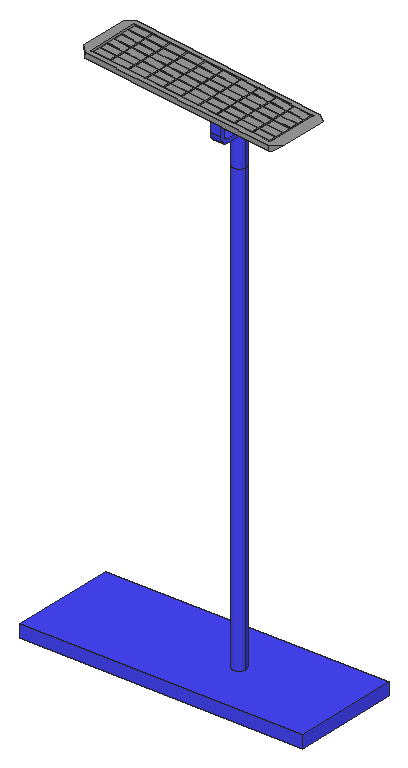
Revit family "BLS-4A", category Lighting Fixtures, host Face, Revit 2026 (continued)
Definition of nested family "BLS-4A - LIGHT FIXTURE"
  Definition of nested family "BLS-2A - LED"
    Forms (ft)
      Extrusion 20, solid, material <- "LENS"
        sketch origin (-2.123285, -0.375, -0.300185) x (-0.995114, 0, 0.098733) y (0, 1, 0)
          loop
            arc (-1.820887, 0.149824) -> (-1.789637, 0.181074) -> (-1.820887, 0.212324) r 0.03125
        from -0.497139 to -0.4864
      Extrusion 21, solid, material <- "LED CHIP"
        sketch origin (-2.509989, 0, -0.245075) x (-0.994503, 0, 0.104711) y (0, 1, 0)
          loop
            circle (-1.848113, 0.180513) r 0.023851
        from -0.492008 to -0.480513
      Extrusion 22, solid, material <- "LENS"
        sketch origin (-2.496231, 0, -0.260987) x (-0.995114, 0, 0.098733) y (0, 1, 0)
          loop
            line (-1.820887, 0.212324) -> (-1.849533, 0.212324)
            arc (-1.849533, 0.212324) -> (-1.880783, 0.181074) -> (-1.849533, 0.149824) r 0.03125
            line (-1.849533, 0.149824) -> (-1.820887, 0.149824)
            arc (-1.820887, 0.149824) -> (-1.789637, 0.181074) -> (-1.820887, 0.212324) r 0.03125
        from -0.497139 to -0.4864
      Extrusion 23, solid, material <- "LED CHIP"
        sketch origin (-2.509989, -0.104167, -0.245075) x (-0.994503, 0, 0.104711) y (0, 1, 0)
          loop
            circle (-1.848113, 0.180513) r 0.023851
        from -0.492008 to -0.480513
      Extrusion 24, solid, material <- "LENS"
        sketch origin (-2.496231, -0.104167, -0.260987) x (-0.995114, 0, 0.098733) y (0, 1, 0)
          loop
            line (-1.820887, 0.212324) -> (-1.849533, 0.212324)
            arc (-1.849533, 0.212324) -> (-1.880783, 0.181074) -> (-1.849533, 0.149824) r 0.03125
            line (-1.849533, 0.149824) -> (-1.820887, 0.149824)
            arc (-1.820887, 0.149824) -> (-1.789637, 0.181074) -> (-1.820887, 0.212324) r 0.03125
        from -0.497139 to -0.4864
      Extrusion 25, solid, material <- "LED CHIP"
        sketch origin (-2.509989, -0.1875, -0.245075) x (-0.994503, 0, 0.104711) y (0, 1, 0)
          loop
            circle (-1.848113, 0.180513) r 0.023851
        from -0.492008 to -0.480513
      Extrusion 26, solid, material <- "LENS"
        sketch origin (-2.496231, -0.1875, -0.260987) x (-0.995114, 0, 0.098733) y (0, 1, 0)
          loop
            line (-1.820887, 0.212324) -> (-1.849533, 0.212324)
            arc (-1.849533, 0.212324) -> (-1.880783, 0.181074) -> (-1.849533, 0.149824) r 0.03125
            line (-1.849533, 0.149824) -> (-1.820887, 0.149824)
            arc (-1.820887, 0.149824) -> (-1.789637, 0.181074) -> (-1.820887, 0.212324) r 0.03125
        from -0.497139 to -0.4864
      Extrusion 27, solid, material <- "LED CHIP"
        sketch origin (-2.509989, -0.283854, -0.245075) x (-0.994503, 0, 0.104711) y (0, 1, 0)
          loop
            circle (-1.848113, 0.180513) r 0.023851
        from -0.492008 to -0.480513
      Extrusion 28, solid, material <- "LENS"
        sketch origin (-2.496231, -0.283854, -0.260987) x (-0.995114, 0, 0.098733) y (0, 1, 0)
          loop
            line (-1.820887, 0.212324) -> (-1.849533, 0.212324)
            arc (-1.849533, 0.212324) -> (-1.880783, 0.181074) -> (-1.849533, 0.149824) r 0.03125
            line (-1.849533, 0.149824) -> (-1.820887, 0.149824)
            arc (-1.820887, 0.149824) -> (-1.789637, 0.181074) -> (-1.820887, 0.212324) r 0.03125
        from -0.497139 to -0.4864
      Extrusion 29, solid, material <- "LED CHIP"
        sketch origin (-2.509989, -0.375, -0.245075) x (-0.994503, 0, 0.104711) y (0, 1, 0)
          loop
            circle (-1.848113, 0.180513) r 0.023851
        from -0.492008 to -0.480513
      Extrusion 30, solid, material <- "LENS"
        sketch origin (-2.496231, -0.375, -0.260987) x (-0.995114, 0, 0.098733) y (0, 1, 0)
          loop
            line (-1.820887, 0.212324) -> (-1.849533, 0.212324)
            arc (-1.849533, 0.212324) -> (-1.880783, 0.181074) -> (-1.849533, 0.149824) r 0.03125
            line (-1.849533, 0.149824) -> (-1.820887, 0.149824)
            arc (-1.820887, 0.149824) -> (-1.789637, 0.181074) -> (-1.820887, 0.212324) r 0.03125
        from -0.497139 to -0.4864
      Extrusion 31, solid, material <- "LED CHIP"
        sketch origin (-2.660601, 0, -0.229245) x (-0.994503, 0, 0.104711) y (0, 1, 0)
          loop
            circle (-1.848113, 0.180513) r 0.023851
        from -0.492008 to -0.480513
      Extrusion 32, solid, material <- "LENS"
        sketch origin (-2.646843, 0, -0.245157) x (-0.995114, 0, 0.098733) y (0, 1, 0)
          loop
            line (-1.820887, 0.212324) -> (-1.849533, 0.212324)
            arc (-1.849533, 0.212324) -> (-1.880783, 0.181074) -> (-1.849533, 0.149824) r 0.03125
            line (-1.849533, 0.149824) -> (-1.820887, 0.149824)
            arc (-1.820887, 0.149824) -> (-1.789637, 0.181074) -> (-1.820887, 0.212324) r 0.03125
        from -0.497139 to -0.4864
      Extrusion 33, solid, material <- "LED CHIP"
        sketch origin (-2.660601, -0.104167, -0.229245) x (-0.994503, 0, 0.104711) y (0, 1, 0)
          loop
            circle (-1.848113, 0.180513) r 0.023851
        from -0.492008 to -0.480513
      Extrusion 34, solid, material <- "LENS"
        sketch origin (-2.646843, -0.104167, -0.245157) x (-0.995114, 0, 0.098733) y (0, 1, 0)
          loop
            line (-1.820887, 0.212324) -> (-1.849533, 0.212324)
            arc (-1.849533, 0.212324) -> (-1.880783, 0.181074) -> (-1.849533, 0.149824) r 0.03125
            line (-1.849533, 0.149824) -> (-1.820887, 0.149824)
            arc (-1.820887, 0.149824) -> (-1.789637, 0.181074) -> (-1.820887, 0.212324) r 0.03125
        from -0.497139 to -0.4864
      Extrusion 35, solid, material <- "LED CHIP"
        sketch origin (-2.660601, -0.1875, -0.229245) x (-0.994503, 0, 0.104711) y (0, 1, 0)
          loop
            circle (-1.848113, 0.180513) r 0.023851
        from -0.492008 to -0.480513
      Extrusion 36, solid, material <- "LENS"
        sketch origin (-2.646843, -0.1875, -0.245157) x (-0.995114, 0, 0.098733) y (0, 1, 0)
          loop
            line (-1.820887, 0.212324) -> (-1.849533, 0.212324)
            arc (-1.849533, 0.212324) -> (-1.880783, 0.181074) -> (-1.849533, 0.149824) r 0.03125
            line (-1.849533, 0.149824) -> (-1.820887, 0.149824)
            arc (-1.820887, 0.149824) -> (-1.789637, 0.181074) -> (-1.820887, 0.212324) r 0.03125
        from -0.497139 to -0.4864
      Extrusion 37, solid, material <- "LED CHIP"
        sketch origin (-2.660601, -0.283854, -0.229245) x (-0.994503, 0, 0.104711) y (0, 1, 0)
          loop
            circle (-1.848113, 0.180513) r 0.023851
        from -0.492008 to -0.480513
      Extrusion 38, solid, material <- "LENS"
        sketch origin (-2.646843, -0.283854, -0.245157) x (-0.995114, 0, 0.098733) y (0, 1, 0)
          loop
            line (-1.820887, 0.212324) -> (-1.849533, 0.212324)
            arc (-1.849533, 0.212324) -> (-1.880783, 0.181074) -> (-1.849533, 0.149824) r 0.03125
            line (-1.849533, 0.149824) -> (-1.820887, 0.149824)
            arc (-1.820887, 0.149824) -> (-1.789637, 0.181074) -> (-1.820887, 0.212324) r 0.03125
        from -0.497139 to -0.4864
      Extrusion 39, solid, material <- "LED CHIP"
        sketch origin (-2.660601, -0.375, -0.229245) x (-0.994503, 0, 0.104711) y (0, 1, 0)
          loop
            circle (-1.848113, 0.180513) r 0.023851
        from -0.492008 to -0.480513
      Extrusion 40, solid, material <- "LENS"
        sketch origin (-2.646843, -0.375, -0.245157) x (-0.995114, 0, 0.098733) y (0, 1, 0)
          loop
            line (-1.820887, 0.212324) -> (-1.849533, 0.212324)
            arc (-1.849533, 0.212324) -> (-1.880783, 0.181074) -> (-1.849533, 0.149824) r 0.03125
            line (-1.849533, 0.149824) -> (-1.820887, 0.149824)
            arc (-1.820887, 0.149824) -> (-1.789637, 0.181074) -> (-1.820887, 0.212324) r 0.03125
        from -0.497139 to -0.4864
      Extrusion 41, solid, material <- "LENS"
        sketch origin (0.378954, 0, -0.054378) x (0.994522, 0, -0.104528) y (0, 1, 0)
          loop
            line (-0.881779, 0.274615) -> (-0.881779, -0.287885) -> (-0.519629, -0.287885) -> (-0.519629, 0.274615) -> (-0.881779, 0.274615)
        from -0.011399 to 0.003094
      Extrusion 42, solid, material <- "LENS"
        sketch origin (0.00043, 0, -0.014594) x (0.994522, 0, -0.104528) y (0, 1, 0)
          loop
            line (-0.881779, 0.274615) -> (-0.881779, -0.287885) -> (-0.519629, -0.287885) -> (-0.519629, 0.274615) -> (-0.881779, 0.274615)
        from -0.011399 to 0.003094
    Dimensions and locks (ft)
      aligned and locked: plane 2 to level
  Definition of nested family "BLS-4A - SOLAR CELLS"
    Parameters (values of type "BLS-4A - SOLAR CELLS")
      SOLAR PANEL = none
      Default Elevation = 0.0 ft
    Reference planes (ft)
      plane 1 "Center (Front/Back)": y = 0
      plane 2: z = 0
      plane 3 "Center (Left/Right)": x = 0
      plane 4: x = 1.570833
      plane 5: y = 0.495833
      plane 6: y = 0.454167
      plane 7: x = 1.529167
      plane 8: x = -1.570833
      plane 9: x = -1.529167
      plane 10: y = -0.495833
      plane 11: y = -0.454167
    Forms (ft)
      Extrusion 1, solid, material <- "SOLAR PANEL"
        sketch origin (-0.329839, -0.020833, -0.070559) x (0.994522, 0, -0.104528) y (0, 1, 0)
          loop
            line (-1.191096, 0.447917) -> (-1.191096, 0.320978) -> (-0.938678, 0.320978) -> (-0.938678, 0.447917) -> (-1.191096, 0.447917)
        from 0 to 0.018253
      Extrusion 2, solid, material <- "SOLAR PANEL"
        sketch origin (-0.329839, -0.155913, -0.070559) x (0.994522, 0, -0.104528) y (0, 1, 0)
          loop
            line (-1.191096, 0.447917) -> (-1.191096, 0.320978) -> (-0.938678, 0.320978) -> (-0.938678, 0.447917) -> (-1.191096, 0.447917)
        from 0 to 0.018253
      Extrusion 3, solid, material <- "SOLAR PANEL"
        sketch origin (-0.329839, -0.290993, -0.070559) x (0.994522, 0, -0.104528) y (0, 1, 0)
          loop
            line (-1.191096, 0.447917) -> (-1.191096, 0.320978) -> (-0.938678, 0.320978) -> (-0.938678, 0.447917) -> (-1.191096, 0.447917)
        from 0 to 0.018253
      Extrusion 4, solid, material <- "SOLAR PANEL"
        sketch origin (-0.054273, -0.020833, -0.099522) x (0.994522, 0, -0.104528) y (0, 1, 0)
          loop
            line (-1.191096, 0.447917) -> (-1.191096, 0.320978) -> (-0.938678, 0.320978) -> (-0.938678, 0.447917) -> (-1.191096, 0.447917)
        from 0 to 0.018253
      Extrusion 5, solid, material <- "SOLAR PANEL"
        sketch origin (-0.054273, -0.155913, -0.099522) x (0.994522, 0, -0.104528) y (0, 1, 0)
          loop
            line (-1.191096, 0.447917) -> (-1.191096, 0.320978) -> (-0.938678, 0.320978) -> (-0.938678, 0.447917) -> (-1.191096, 0.447917)
        from 0 to 0.018253
      Extrusion 6, solid, material <- "SOLAR PANEL"
        sketch origin (-0.054273, -0.290993, -0.099522) x (0.994522, 0, -0.104528) y (0, 1, 0)
          loop
            line (-1.191096, 0.447917) -> (-1.191096, 0.320978) -> (-0.938678, 0.320978) -> (-0.938678, 0.447917) -> (-1.191096, 0.447917)
        from 0 to 0.018253
      Extrusion 7, solid, material <- "SOLAR PANEL"
        sketch origin (0.221292, -0.020833, -0.128485) x (0.994522, 0, -0.104528) y (0, 1, 0)
          loop
            line (-1.191096, 0.447917) -> (-1.191096, 0.320978) -> (-0.938678, 0.320978) -> (-0.938678, 0.447917) -> (-1.191096, 0.447917)
        from 0 to 0.018253
      Extrusion 8, solid, material <- "SOLAR PANEL"
        sketch origin (0.221292, -0.155913, -0.128485) x (0.994522, 0, -0.104528) y (0, 1, 0)
          loop
            line (-1.191096, 0.447917) -> (-1.191096, 0.320978) -> (-0.938678, 0.320978) -> (-0.938678, 0.447917) -> (-1.191096, 0.447917)
        from 0 to 0.018253
      Extrusion 9, solid, material <- "SOLAR PANEL"
        sketch origin (0.221292, -0.290993, -0.128485) x (0.994522, 0, -0.104528) y (0, 1, 0)
          loop
            line (-1.191096, 0.447917) -> (-1.191096, 0.320978) -> (-0.938678, 0.320978) -> (-0.938678, 0.447917) -> (-1.191096, 0.447917)
        from 0 to 0.018253
      Extrusion 10, solid, material <- "SOLAR PANEL"
        sketch origin (0.496858, -0.020833, -0.157448) x (0.994522, 0, -0.104528) y (0, 1, 0)
          loop
            line (-1.191096, 0.447917) -> (-1.191096, 0.320978) -> (-0.938678, 0.320978) -> (-0.938678, 0.447917) -> (-1.191096, 0.447917)
        from 0 to 0.018253
      Extrusion 11, solid, material <- "SOLAR PANEL"
        sketch origin (0.496858, -0.155913, -0.157448) x (0.994522, 0, -0.104528) y (0, 1, 0)
          loop
            line (-1.191096, 0.447917) -> (-1.191096, 0.320978) -> (-0.938678, 0.320978) -> (-0.938678, 0.447917) -> (-1.191096, 0.447917)
        from 0 to 0.018253
      Extrusion 12, solid, material <- "SOLAR PANEL"
        sketch origin (0.496858, -0.290993, -0.157448) x (0.994522, 0, -0.104528) y (0, 1, 0)
          loop
            line (-1.191096, 0.447917) -> (-1.191096, 0.320978) -> (-0.938678, 0.320978) -> (-0.938678, 0.447917) -> (-1.191096, 0.447917)
        from 0 to 0.018253
      Extrusion 13, solid, material <- "SOLAR PANEL"
        sketch origin (0.772423, -0.020833, -0.186411) x (0.994522, 0, -0.104528) y (0, 1, 0)
          loop
            line (-1.191096, 0.447917) -> (-1.191096, 0.320978) -> (-0.938678, 0.320978) -> (-0.938678, 0.447917) -> (-1.191096, 0.447917)
        from 0 to 0.018253
      Extrusion 14, solid, material <- "SOLAR PANEL"
        sketch origin (0.772423, -0.155913, -0.186411) x (0.994522, 0, -0.104528) y (0, 1, 0)
          loop
            line (-1.191096, 0.447917) -> (-1.191096, 0.320978) -> (-0.938678, 0.320978) -> (-0.938678, 0.447917) -> (-1.191096, 0.447917)
        from 0 to 0.018253
      Extrusion 15, solid, material <- "SOLAR PANEL"
        sketch origin (0.772423, -0.290993, -0.186411) x (0.994522, 0, -0.104528) y (0, 1, 0)
          loop
            line (-1.191096, 0.447917) -> (-1.191096, 0.320978) -> (-0.938678, 0.320978) -> (-0.938678, 0.447917) -> (-1.191096, 0.447917)
        from 0 to 0.018253
      Extrusion 16, solid, material <- "SOLAR PANEL"
        sketch origin (1.047988, -0.020833, -0.215374) x (0.994522, 0, -0.104528) y (0, 1, 0)
          loop
            line (-1.191096, 0.447917) -> (-1.191096, 0.320978) -> (-0.938678, 0.320978) -> (-0.938678, 0.447917) -> (-1.191096, 0.447917)
        from 0 to 0.018253
      Extrusion 17, solid, material <- "SOLAR PANEL"
        sketch origin (1.047988, -0.155913, -0.215374) x (0.994522, 0, -0.104528) y (0, 1, 0)
          loop
            line (-1.191096, 0.447917) -> (-1.191096, 0.320978) -> (-0.938678, 0.320978) -> (-0.938678, 0.447917) -> (-1.191096, 0.447917)
        from 0 to 0.018253
      Extrusion 18, solid, material <- "SOLAR PANEL"
        sketch origin (1.047988, -0.290993, -0.215374) x (0.994522, 0, -0.104528) y (0, 1, 0)
          loop
            line (-1.191096, 0.447917) -> (-1.191096, 0.320978) -> (-0.938678, 0.320978) -> (-0.938678, 0.447917) -> (-1.191096, 0.447917)
        from 0 to 0.018253
      Extrusion 19, solid, material <- "SOLAR PANEL"
        sketch origin (1.323554, -0.020833, -0.244337) x (0.994522, 0, -0.104528) y (0, 1, 0)
          loop
            line (-1.191096, 0.447917) -> (-1.191096, 0.320978) -> (-0.938678, 0.320978) -> (-0.938678, 0.447917) -> (-1.191096, 0.447917)
        from 0 to 0.018253
      Extrusion 20, solid, material <- "SOLAR PANEL"
        sketch origin (1.323554, -0.155913, -0.244337) x (0.994522, 0, -0.104528) y (0, 1, 0)
          loop
            line (-1.191096, 0.447917) -> (-1.191096, 0.320978) -> (-0.938678, 0.320978) -> (-0.938678, 0.447917) -> (-1.191096, 0.447917)
        from 0 to 0.018253
      Extrusion 21, solid, material <- "SOLAR PANEL"
        sketch origin (1.323554, -0.290993, -0.244337) x (0.994522, 0, -0.104528) y (0, 1, 0)
          loop
            line (-1.191096, 0.447917) -> (-1.191096, 0.320978) -> (-0.938678, 0.320978) -> (-0.938678, 0.447917) -> (-1.191096, 0.447917)
        from 0 to 0.018253
      Extrusion 22, solid, material <- "SOLAR PANEL"
        sketch origin (1.599119, -0.020833, -0.2733) x (0.994522, 0, -0.104528) y (0, 1, 0)
          loop
            line (-1.191096, 0.447917) -> (-1.191096, 0.320978) -> (-0.938678, 0.320978) -> (-0.938678, 0.447917) -> (-1.191096, 0.447917)
        from 0 to 0.018253
      Extrusion 23, solid, material <- "SOLAR PANEL"
        sketch origin (1.599119, -0.155913, -0.2733) x (0.994522, 0, -0.104528) y (0, 1, 0)
          loop
            line (-1.191096, 0.447917) -> (-1.191096, 0.320978) -> (-0.938678, 0.320978) -> (-0.938678, 0.447917) -> (-1.191096, 0.447917)
        from 0 to 0.018253
      Extrusion 24, solid, material <- "SOLAR PANEL"
        sketch origin (1.599119, -0.290993, -0.2733) x (0.994522, 0, -0.104528) y (0, 1, 0)
          loop
            line (-1.191096, 0.447917) -> (-1.191096, 0.320978) -> (-0.938678, 0.320978) -> (-0.938678, 0.447917) -> (-1.191096, 0.447917)
        from 0 to 0.018253
      Extrusion 25, solid, material <- "SOLAR PANEL"
        sketch origin (1.874685, -0.020833, -0.302263) x (0.994522, 0, -0.104528) y (0, 1, 0)
          loop
            line (-1.191096, 0.447917) -> (-1.191096, 0.320978) -> (-0.938678, 0.320978) -> (-0.938678, 0.447917) -> (-1.191096, 0.447917)
        from 0 to 0.018253
      Extrusion 26, solid, material <- "SOLAR PANEL"
        sketch origin (1.874685, -0.155913, -0.302263) x (0.994522, 0, -0.104528) y (0, 1, 0)
          loop
            line (-1.191096, 0.447917) -> (-1.191096, 0.320978) -> (-0.938678, 0.320978) -> (-0.938678, 0.447917) -> (-1.191096, 0.447917)
        from 0 to 0.018253
      Extrusion 27, solid, material <- "SOLAR PANEL"
        sketch origin (1.874685, -0.290993, -0.302263) x (0.994522, 0, -0.104528) y (0, 1, 0)
          loop
            line (-1.191096, 0.447917) -> (-1.191096, 0.320978) -> (-0.938678, 0.320978) -> (-0.938678, 0.447917) -> (-1.191096, 0.447917)
        from 0 to 0.018253
      Extrusion 28, solid, material <- "SOLAR PANEL"
        sketch origin (2.15025, -0.020833, -0.331226) x (0.994522, 0, -0.104528) y (0, 1, 0)
          loop
            line (-1.191096, 0.447917) -> (-1.191096, 0.320978) -> (-0.938678, 0.320978) -> (-0.938678, 0.447917) -> (-1.191096, 0.447917)
        from 0 to 0.018253
      Extrusion 29, solid, material <- "SOLAR PANEL"
        sketch origin (2.15025, -0.155913, -0.331226) x (0.994522, 0, -0.104528) y (0, 1, 0)
          loop
            line (-1.191096, 0.447917) -> (-1.191096, 0.320978) -> (-0.938678, 0.320978) -> (-0.938678, 0.447917) -> (-1.191096, 0.447917)
        from 0 to 0.018253
      Extrusion 30, solid, material <- "SOLAR PANEL"
        sketch origin (2.15025, -0.290993, -0.331226) x (0.994522, 0, -0.104528) y (0, 1, 0)
          loop
            line (-1.191096, 0.447917) -> (-1.191096, 0.320978) -> (-0.938678, 0.320978) -> (-0.938678, 0.447917) -> (-1.191096, 0.447917)
        from 0 to 0.018253
    Dimensions and locks (ft)
      aligned and locked: plane 2 to level
  Definition of nested family "BLS-2A - DRIVER"
    Parameters (values of type "BLS-2A - DRIVER")
      PANEL = none
      Default Elevation = 0.0 ft
    Reference planes (ft)
      plane 1 "Center (Front/Back)": y = 0
      plane 2: z = 0
      plane 3 "Center (Left/Right)": x = 0
    Forms (ft)
      Extrusion 1, solid, material <- "PANEL"
        sketch origin (0.04897, 0, 0.097419) x (0.994153, 0, -0.107981) y (0, -1, 0)
          loop
            line (1.671886, -0.294588) -> (2.109386, -0.294588) -> (2.109386, -0.357088) -> (2.151052, -0.357088) -> (2.234386, -0.294588) -> (2.234386, 0.267912) -> (2.151052, 0.351245) -> (2.109386, 0.351245) -> (2.109386, 0.267912) -> (1.671886, 0.267912) -> (1.671886, -0.294588)
        from 0.3883 to 0.486549
      Extrusion 2, solid, material <- "PANEL"
        sketch origin (0.049613, 0, 0.096192) x (0.994291, 0, -0.106702) y (0, -1, 0)
          loop
            line (2.103355, -0.294588) -> (1.670488, -0.294588) -> (1.670488, -0.359069)
            arc (1.670488, -0.359069) -> (1.677995, -0.377191) -> (1.696117, -0.384697) r 0.025629
            line (1.696117, -0.384697) -> (2.067543, -0.384697)
            arc (2.067543, -0.384697) -> (2.092455, -0.378022) -> (2.103355, -0.354647) r 0.030514
            line (2.103355, -0.354647) -> (2.103355, -0.294588)
        from 0.389278 to 0.395816
      Extrusion 3, solid, material <- "PANEL"
        sketch origin (0.455473, -0.117978, 0.296728) x (0.993679, 0, -0.112255) y (0, -1, 0)
          loop
            arc (1.656613, -0.467254) -> (1.670156, -0.45371) -> (1.656613, -0.440167) r 0.013543
            line (1.656613, -0.440167) -> (1.656613, -0.467254)
          loop
            line (1.654132, -0.467388) -> (1.654132, -0.439949)
            arc (1.654132, -0.439949) -> (1.640413, -0.453668) -> (1.654132, -0.467388) r 0.013719
        from 0.626883 to 0.636226
      Extrusion 4, solid, material <- "PANEL"
        sketch origin (0.165404, -0.117978, 0.327216) x (0.993679, 0, -0.112255) y (0, -1, 0)
          loop
            arc (1.656613, -0.467254) -> (1.670156, -0.45371) -> (1.656613, -0.440167) r 0.013543
            line (1.656613, -0.440167) -> (1.656613, -0.467254)
          loop
            line (1.654132, -0.467388) -> (1.654132, -0.439949)
            arc (1.654132, -0.439949) -> (1.640413, -0.453668) -> (1.654132, -0.467388) r 0.013719
        from 0.626883 to 0.636226
      Extrusion 5, solid, material <- "PANEL"
        sketch origin (0.049613, 0.026693, 0.096192) x (0.994291, 0, -0.106702) y (0, -1, 0)
          loop
            line (2.103355, 0.294588) -> (2.103355, 0.354647)
            arc (2.103355, 0.354647) -> (2.092455, 0.378022) -> (2.067543, 0.384697) r 0.030514
            line (2.067543, 0.384697) -> (1.696117, 0.384697)
            arc (1.696117, 0.384697) -> (1.677995, 0.377191) -> (1.670488, 0.359069) r 0.025629
            line (1.670488, 0.359069) -> (1.670488, 0.294588) -> (2.103355, 0.294588)
        from 0.389278 to 0.395816
      Extrusion 6, solid, material <- "PANEL"
        sketch origin (0.455473, -0.763811, 0.296728) x (0.993679, 0, -0.112255) y (0, -1, 0)
          loop
            arc (1.656613, -0.467254) -> (1.670156, -0.45371) -> (1.656613, -0.440167) r 0.013543
            line (1.656613, -0.440167) -> (1.656613, -0.467254)
          loop
            line (1.654132, -0.467388) -> (1.654132, -0.439949)
            arc (1.654132, -0.439949) -> (1.640413, -0.453668) -> (1.654132, -0.467388) r 0.013719
        from 0.626883 to 0.636226
      Extrusion 7, solid, material <- "PANEL"
        sketch origin (0.165404, -0.763811, 0.327216) x (0.993679, 0, -0.112255) y (0, -1, 0)
          loop
            arc (1.656613, -0.467254) -> (1.670156, -0.45371) -> (1.656613, -0.440167) r 0.013543
            line (1.656613, -0.440167) -> (1.656613, -0.467254)
          loop
            line (1.654132, -0.467388) -> (1.654132, -0.439949)
            arc (1.654132, -0.439949) -> (1.640413, -0.453668) -> (1.654132, -0.467388) r 0.013719
        from 0.626883 to 0.636226
    Dimensions and locks (ft)
      aligned and locked: plane 2 to level
  Definition of nested family "BLS-2A - BRACKET"
    Parameters (values of type "BLS-2A - BRACKET")
      PANEL = none
      SENSOR = none
      Default Elevation = 0.0 ft
      BRACKET = none
    Reference planes (ft)
      plane 1 "Center (Front/Back)": y = 0
      plane 2: z = 0
      plane 3 "Center (Left/Right)": x = 0
    Forms (ft)
      Extrusion 1, solid, material <- "BRACKET"
        sketch origin (0.106232, 0, -1.897929) x (0, 1, 0) y (0, 0, 1)
          loop
            line (0.464518, 1.67265) -> (0.40625, 1.67265) -> (0.40625, 1.459579)
            arc (0.40625, 1.459579) -> (0.381842, 1.400654) -> (0.322917, 1.376246) r 0.083333
            line (0.322917, 1.376246) -> (0, 1.376246) -> (-0.322917, 1.376246)
            arc (-0.322917, 1.376246) -> (-0.381842, 1.400654) -> (-0.40625, 1.459579) r 0.083333
            line (-0.40625, 1.459579) -> (-0.40625, 1.675) -> (-0.464518, 1.675) -> (-0.464518, 1.459579)
            arc (-0.464518, 1.459579) -> (-0.423044, 1.359452) -> (-0.322917, 1.317978) r 0.141602
            line (-0.322917, 1.317978) -> (0, 1.317978) -> (0.322917, 1.317978)
            arc (0.322917, 1.317978) -> (0.423044, 1.359452) -> (0.464518, 1.459579) r 0.141602
            line (0.464518, 1.459579) -> (0.464518, 1.67265)
        from 0.867815 to 1.019364
      Extrusion 2, solid, material <- "PANEL"
        sketch origin (0.020084, 0, 0.029215) x (0.994181, 0, -0.107723) y (0, -1, 0)
          loop
            line (1.132658, -0.40625) -> (1.132658, -0.294588) -> (1.020236, -0.294588)
            arc (1.020236, -0.294588) -> (0.990773, -0.282384) -> (0.97857, -0.252922) r 0.041667
            line (0.97857, -0.252922) -> (0.97857, 0) -> (0.97857, 0.252922)
            arc (0.97857, 0.252922) -> (0.990773, 0.282384) -> (1.020236, 0.294588) r 0.041667
            line (1.020236, 0.294588) -> (1.132658, 0.294588) -> (1.132658, 0.40625) -> (0.813848, 0.40625)
            arc (0.813848, 0.40625) -> (0.780676, 0.392468) -> (0.765247, 0.360029) r 0.050117
            line (0.765247, 0.360029) -> (0.765247, 0) -> (0.765247, -0.360029)
            arc (0.765247, -0.360029) -> (0.780676, -0.392468) -> (0.813848, -0.40625) r 0.050117
            line (0.813848, -0.40625) -> (1.132658, -0.40625)
        from 0.173067 to 0.196334
      Extrusion 3, solid, material <- "PANEL"
        sketch origin (0.217689, 0.021434, 0.058581) x (0.993622, 0, -0.112763) y (0, -1, 0)
          loop
            circle (0.672999, 0.021434) r 0.083333
          loop
            circle (0.672999, 0.021434) r 0.0625
        from 0.245239 to 0.250306
      Revolve 4, solid, material <- "SENSOR"
        sketch origin (0.154254, -0.000351, -0.106454) x (0.987688, 0, 0.156434) y (-0.156434, 0, 0.987688)
          loop
            line (0.671288, -0.262727) -> (0.608834, -0.245777)
            arc (0.608834, -0.245777) -> (0.623912, -0.284679) -> (0.659357, -0.306687) r 0.06578
            line (0.659357, -0.306687) -> (0.671288, -0.262727)
          axis (0.659357, -0.306687) -> (0.671288, -0.262727)
        angle from 0 to 360
      Extrusion 5, solid, material <- "PANEL"
        sketch origin (-0.750448, -0.107142, 0.554637) x (0.993679, 0, -0.112255) y (0, -1, 0)
          loop
            arc (1.658241, -0.472205) -> (1.676701, -0.453744) -> (1.658241, -0.435284) r 0.01846
            line (1.658241, -0.435284) -> (1.658241, -0.472205)
          loop
            line (1.654132, -0.471742) -> (1.654132, -0.435747)
            arc (1.654132, -0.435747) -> (1.636135, -0.453744) -> (1.654132, -0.471742) r 0.017998
        from 0.628193 to 0.635229
      Extrusion 6, solid, material <- "BRACKET"
        sketch origin (0, 0, 0) x (0, -1, 0) y (1, 0, 0)
          loop
            circle (0, 1.049894) r 0.098958
          loop
            circle (0, 1.049894) r 0.092021
        from -1.053316 to -0.530462
      Extrusion 7, void
        sketch origin (-0.030499, 0, -0.099978) x (0.987688, 0, 0.156434) y (-0.156434, 0, 0.987688)
          loop
            line (0.961037, -0.301415) -> (1.126551, -0.346334) -> (1.140723, -0.293447) -> (0.975066, -0.249059) -> (0.961037, -0.301415)
        from -0.528039 to 0.548026
      Extrusion 8, solid, material <- "PANEL"
        sketch origin (-0.500448, -0.107142, 0.554637) x (0.993679, 0, -0.112255) y (0, -1, 0)
          loop
            arc (1.658241, -0.472205) -> (1.676701, -0.453744) -> (1.658241, -0.435284) r 0.01846
            line (1.658241, -0.435284) -> (1.658241, -0.472205)
          loop
            line (1.654132, -0.471742) -> (1.654132, -0.435747)
            arc (1.654132, -0.435747) -> (1.636135, -0.453744) -> (1.654132, -0.471742) r 0.017998
        from 0.628193 to 0.635229
      Extrusion 9, solid, material <- "PANEL"
        sketch origin (-0.500448, -0.815475, 0.554637) x (0.993679, 0, -0.112255) y (0, -1, 0)
          loop
            arc (1.658241, -0.472205) -> (1.676701, -0.453744) -> (1.658241, -0.435284) r 0.01846
            line (1.658241, -0.435284) -> (1.658241, -0.472205)
          loop
            line (1.654132, -0.471742) -> (1.654132, -0.435747)
            arc (1.654132, -0.435747) -> (1.636135, -0.453744) -> (1.654132, -0.471742) r 0.017998
        from 0.628193 to 0.635229
      Extrusion 10, solid, material <- "PANEL"
        sketch origin (-0.756929, -0.815475, 0.554637) x (0.993679, 0, -0.112255) y (0, -1, 0)
          loop
            arc (1.658241, -0.472205) -> (1.676701, -0.453744) -> (1.658241, -0.435284) r 0.01846
            line (1.658241, -0.435284) -> (1.658241, -0.472205)
          loop
            line (1.654132, -0.471742) -> (1.654132, -0.435747)
            arc (1.654132, -0.435747) -> (1.636135, -0.453744) -> (1.654132, -0.471742) r 0.017998
        from 0.628193 to 0.635229
    Cuts and joins
      Extrusion 7 cuts Extrusion 1
      Extrusion 7 cuts Extrusion 2
    Dimensions and locks (ft)
      aligned and locked: plane 2 to level
